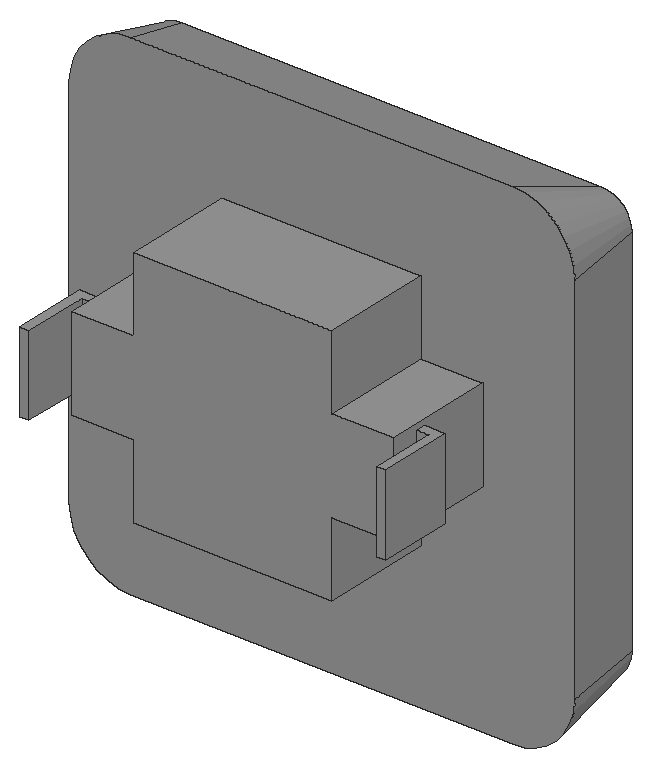
Revit family "IEK_Выключатель_Встраиваемый_С Инд 10А одноклавишный IP20_ВЕГА", category Выключатели, Revit 2019
Family settings
  Сохранять ориентацию аннотаций = Да
  Размер круглого соединителя = Использовать диаметр
  Тип детали = Переключатель
  На основе рабочей плоскости = Нет
  Всегда вертикально = Да
  При загрузке вырезать с полостями = Нет
  Общий = Нет
  Точка расчета площади = Нет
Parameters (values of type "ВС10-1-1-ВБ")
  Ширина = 81.5 mm  # constant formula
  Тип монтажа = "Скрытый монтаж (в штукатурку)"  # constant formula
  Степень защиты = "IP20"  # constant formula
  Изготовитель = "IEK"  # constant formula
  Дата изменения = ""
  Глубина = 36.3 mm  # constant formula
  Высота = 81 mm  # constant formula
  ΔХ [instance] = 2000 mm
  ΔY [instance] = 2000 mm
  KSI_CPr_Строительные изделия = "20.4.01"  # constant formula
  KSI_CMa_Строительные материалы = "01.7.14.03"  # constant formula
  IEK_Цена за единицу = 132.78
  IEK_Поиск в таблице имен = ""
  IEK_Описание = "Серия «ВЕГА» включает в себя розетки и выключатели для скрытого монтажа, которые хорошо впишутся в любой интерьер квартир, загородных домов, офисных и производственных помещений."
  IEK_URL = "https://www.iek.ru/products/catalog/izdeliya_elektroustanovochnye_udliniteli_i_silovye_razemy/elektroustanovochnye_izdeliya/elektroustanovochnye_izdeliya_skrytogo_montazha/elektroustanovochnye_izdeliya_vega/vyklyuchatel_1_klavishnyy_s_indikatsiey_vs10_1_1_vb_10a_vega_belyy_iek"
  ADSK_Ток [instance] = 10 A  # constant formula
  ADSK_Примечание = ""
  ADSK_Полная мощность [instance] = ADSK_Номинальная мощность / ADSK_Коэффициент мощности  # 2200 VA
  ADSK_Позиция [instance] = ""
  ADSK_Номинальная мощность [instance] = ADSK_Ток * ADSK_Напряжение * sqrt(ADSK_Количество фаз числовое) * ADSK_Коэффициент мощности  # 2200 W
  ADSK_Напряжение = 220 V
  ADSK_Наименование = "Выключатель 1-клавишный с индикацией ВС10-1-1-ВБ 10А ВЕГА белый IEK"
  ADSK_Материал обозначение = ""
  ADSK_Материал наименование = "Пластик"  # constant formula
  ADSK_Материал = Цвет белый
  ADSK_Масса = 0.066
  ADSK_Марка = "ВЕГА"  # constant formula
  ADSK_Коэффициент мощности [instance] = 1  # constant formula
  ADSK_Количество фаз числовое = 1
  ADSK_Количество фаз = 1
  ADSK_Код изделия = "EVV11-K01-10-DM"
  ADSK_Классификация нагрузок [instance] = Прочее
  ADSK_Завод-изготовитель = "IEK"  # constant formula
  ADSK_Единица измерения = "шт"  # constant formula
  ADSK_Группирование = "III ЭЛЕКТРОУСТАНОВОЧНЫЕ И ЭЛЕКТРОМОНТАЖНЫЕ ИЗДЕЛИЯ"  # constant formula
  ADSK_Версия семейства = "1.0"  # constant formula
  ADSK_Версия Revit = "2019"  # constant formula
  ADSK_URL страницы изделия = "https://www.iek.ru/products/catalog/izdeliya_elektroustanovochnye_udliniteli_i_silovye_razemy/elektroustanovochnye_izdeliya/elektroustanovochnye_izdeliya_skrytogo_montazha/elektroustanovochnye_izdeliya_vega/?pagec=10"
Reference planes
  plane 1 "По центру (Вперед/Назад)": y = 0
  plane 2: z = 0
  plane 3 "По центру (Влево/Вправо)": x = 0
  plane 4 "Высота ножек": z = 280
  plane 5 "Высота": z = 2081.496
  plane 6: x = -2000
  plane 7: y = 2000
Forms (mm)
  Extrusion 1, solid, material "Цвет белый" <- "ADSK_Материал", detail levels fine
    sketch origin (0, -492.152, 42.527) x (1, 0, 0) y (0, 1, 0)
      loop
        line (26, 480.152) -> (26, 478.652) -> (27.993, 478.652) -> (27.993, 468.152) -> (29.498, 468.152) -> (29.498, 480.152) -> (26, 480.152)
      loop
        line (-26, 480.152) -> (-29.498, 480.152) -> (-29.498, 468.152) -> (-27.993, 468.152) -> (-27.993, 478.652) -> (-26, 478.652) -> (-26, 480.152)
    from -5.817 to 7.183
  Extrusion 2, solid, detail levels coarse
    sketch origin (0, 0, 0) x (1, 0, 0) y (0, 1, 0)
      loop
        line (-40.75, -24) -> (40.75, -24) -> (40.75, 20) -> (-40.75, 20) -> (-40.75, -24)
    from 0 to 80.5
  Extrusion 3, solid, detail levels medium
    sketch origin (0, 0, 0) x (1, 0, 0) y (0, 1, 0)
      loop
        line (-40.75, 20) -> (-40.75, -24) -> (40.75, -24) -> (40.75, 20) -> (-40.75, 20)
    from 0 to 80.5
  Extrusion 4, void
    sketch origin (0, 0, 40.25) x (1, 0, 0) y (0, 0, -1)
      loop
        line (-29, -25) -> (29, -25) -> (29, 25) -> (-29, 25) -> (-29, -25)
    from 1 to 14.038
  Extrusion 5, solid, material "Цвет белый" <- "ADSK_Материал", detail levels fine
    sketch origin (0, 0, 39.887) x (0, 0, 1) y (0, -1, 0)
      loop
        line (-24.209, -5) -> (-24.209, -11.055)
        arc (-24.209, -11.055) -> (-22.524, -15.523) -> (-19.835, -19.47) r 20.163
        arc (-19.835, -19.47) -> (3.045, -18.975) -> (24.863, -12.066) r 80.547
        line (24.863, -12.066) -> (24.863, -5) -> (-24.209, -5)
    from -28.5 to 28.5
  Extrusion 6, solid, material "Цвет белый" <- "ADSK_Материал", detail levels fine
    sketch origin (0, 0, 40.25) x (1, 0, 0) y (0, 0, -1)
      loop
        line (16, -22.25) -> (16, -10.25) -> (26, -10.25) -> (26, 4.75) -> (16, 4.75) -> (16, 16.75) -> (-16, 16.75) -> (-16, 4.75) -> (-26, 4.75) -> (-26, -10.25) -> (-16, -10.25) -> (-16, -22.25) -> (16, -22.25)
    from -18 to 0
  Blend 7, solid, material "Цвет белый" <- "ADSK_Материал", detail levels fine
    base sketch origin (0, 0, 40.25) x (1, 0, 0) y (0, 0, -1)
      loop
        arc (40.75, 30.25) -> (37.821, 37.321) -> (30.75, 40.25) r 10
        line (30.75, 40.25) -> (-30.75, 40.25)
        arc (-30.75, 40.25) -> (-37.821, 37.321) -> (-40.75, 30.25) r 10
        line (-40.75, 30.25) -> (-40.75, -30.25)
        arc (-40.75, -30.25) -> (-37.821, -37.321) -> (-30.75, -40.25) r 10
        line (-30.75, -40.25) -> (30.75, -40.25)
        arc (30.75, -40.25) -> (37.821, -37.321) -> (40.75, -30.25) r 10
        line (40.75, -30.25) -> (40.75, 30.25)
    top sketch origin (0, 0, 40.25) x (1, 0, 0) y (0, 0, -1)
      loop
        arc (-38.75, -30.25) -> (-37.286, -33.786) -> (-33.75, -35.25) r 5
        line (-33.75, -35.25) -> (33.75, -35.25)
        arc (33.75, -35.25) -> (37.286, -33.786) -> (38.75, -30.25) r 5
        line (38.75, -30.25) -> (38.75, 30.25)
        arc (38.75, 30.25) -> (37.286, 33.786) -> (33.75, 35.25) r 5
        line (33.75, 35.25) -> (-33.75, 35.25)
        arc (-33.75, 35.25) -> (-37.286, 33.786) -> (-38.75, 30.25) r 5
        line (-38.75, 30.25) -> (-38.75, -30.25)
    from 0 to 14
  Extrusion 8, solid, material "Стекло", detail levels fine
    sketch origin (0.015, 0, 39.232) x (0, 0, 1) y (0, -1, 0)
      loop
        arc (-14.934, -18.373) -> (-15.49, -18.34) -> (-16.046, -18.303) r 80.547
        line (-16.046, -18.303) -> (-16.046, -20.15)
        arc (-16.046, -20.15) -> (-15.49, -20.187) -> (-14.934, -20.219) r 80.547
        line (-14.934, -20.219) -> (-14.934, -18.373)
    from -5 to 5
  Extrusion 9, solid, material "Стекло", detail levels fine
    sketch origin (0.015, 0, 41.258) x (0, 0, 1) y (0, -1, 0)
      loop
        arc (-14.934, -18.373) -> (-15.49, -18.34) -> (-16.046, -18.303) r 80.547
        line (-16.046, -18.303) -> (-16.046, -20.15)
        arc (-16.046, -20.15) -> (-15.49, -20.187) -> (-14.934, -20.219) r 80.547
        line (-14.934, -20.219) -> (-14.934, -18.373)
    from -5 to 5
Cuts and joins
  Extrusion 4 cuts Blend 7
Lines and regions (mm)
  reference lines
    curve 1: line (0, 44.647, 0) -> (0, -55.353, 0)
    curve 2: line (-23.829, 0, 0) -> (76.171, 0, 0)
Dimensions and locks
  locked: plane 4 "Высота ножек" to plane 2 at 280
  plane 5 "Высота" to plane 4 "Высота ножек" = 1801.496 mm
  "ΔХ": plane 6 to curve 1
  "ΔY": plane 7 to curve 2
  aligned and locked: level to plane 2
  aligned and locked: curve 2 to nested 1
  aligned and locked: nested 1 to curve 1
Automatic sketch dimensions
  plane 1 "По центру (Вперед/Назад)" to Extrusion 1 sketch curve = 12 mm  (x2)
  Extrusion 1 sketch curve to plane 3 "По центру (Влево/Вправо)" = 29.498 mm
  Extrusion 1 sketch curve to Extrusion 1 sketch curve = 1.504 mm  (x2)
  Extrusion 1 sketch curve to Extrusion 1 sketch curve = 1.993 mm  (x2)
  plane 3 "По центру (Влево/Вправо)" to Extrusion 1 sketch curve = 26 mm
  Extrusion 1 sketch curve to Extrusion 1 sketch curve = 1.5 mm  (x2)
  Extrusion 1 sketch curve to Extrusion 1 sketch curve = 10.5 mm  (x2)
  Extrusion 2 sketch curve to plane 1 "По центру (Вперед/Назад)" = 20 mm
  Extrusion 2 sketch curve to plane 3 "По центру (Влево/Вправо)" = 40.75 mm
  plane 3 "По центру (Влево/Вправо)" to Extrusion 2 sketch curve = 40.75 mm
  plane 1 "По центру (Вперед/Назад)" to Extrusion 2 sketch curve = 24 mm
  Extrusion 3 sketch curve to plane 3 "По центру (Влево/Вправо)" = 40.75 mm
  plane 3 "По центру (Влево/Вправо)" to Extrusion 3 sketch curve = 40.75 mm
  plane 1 "По центру (Вперед/Назад)" to Extrusion 3 sketch curve = 24 mm
  Extrusion 3 sketch curve to plane 1 "По центру (Вперед/Назад)" = 20 mm
  level to Extrusion 4 sketch curve = 15.25 mm
  Extrusion 4 sketch curve to plane 3 "По центру (Влево/Вправо)" = 29 mm
  Extrusion 4 sketch curve to Extrusion 4 sketch curve = 58 mm
  level to Extrusion 4 sketch curve = 65.25 mm
  level to Extrusion 5 sketch curve = 15.678 mm
  level to Extrusion 5 sketch curve = 29.77 mm
  level to Extrusion 5 sketch curve = 35.254 mm
  level to Extrusion 5 sketch curve = 64.75 mm
  Extrusion 5 sketch curve to plane 1 "По центру (Вперед/Назад)" = 12.066 mm
  Extrusion 5 sketch curve to Extrusion 5 sketch curve = 1.011 mm
  Extrusion 5 sketch curve to Extrusion 5 sketch curve = 4.83 mm
  Extrusion 5 sketch curve to Extrusion 5 sketch curve = 7.066 mm
  Extrusion 5 sketch curve to Extrusion 5 sketch curve = 66.713 mm
  level to Extrusion 6 sketch curve = 50.5 mm  (x2)
  Extrusion 6 sketch curve to plane 3 "По центру (Влево/Вправо)" = 26 mm
  Extrusion 6 sketch curve to Extrusion 6 sketch curve = 10 mm  (x3)
  Extrusion 6 sketch curve to Extrusion 6 sketch curve = 32 mm
  level to Extrusion 6 sketch curve = 35.5 mm  (x2)
  Extrusion 6 sketch curve to Extrusion 6 sketch curve = 0 mm
  Extrusion 6 sketch curve to Extrusion 6 sketch curve = 12 mm  (x2)
  level to Blend 7 sketch curve = 10 mm  (x3)
  Blend 7 sketch curve to plane 3 "По центру (Влево/Вправо)" = 40.75 mm
  Blend 7 sketch curve to Blend 7 sketch curve = 10 mm  (x3)
  level to Blend 7 sketch curve = 70.5 mm
  Blend 7 sketch curve to Blend 7 sketch curve = 61.5 mm
  Blend 7 sketch curve to Blend 7 sketch curve = 0 mm  (x2)
  Blend 7 sketch curve to plane 3 "По центру (Влево/Вправо)" = 38.75 mm
  Blend 7 sketch curve to Blend 7 sketch curve = 5 mm  (x2)
  level to Blend 7 sketch curve = 75.5 mm
  Blend 7 sketch curve to Blend 7 sketch curve = 67.5 mm
  level to Extrusion 8 sketch curve = 23.187 mm
  Extrusion 8 sketch curve to Extrusion 8 sketch curve = 1.112 mm
  level to Extrusion 8 sketch curve = 28.752 mm
  Extrusion 8 sketch curve to Extrusion 8 sketch curve = 0 mm
  Extrusion 8 sketch curve to plane 1 "По центру (Вперед/Назад)" = 20.219 mm
  Extrusion 8 sketch curve to Extrusion 8 sketch curve = 0.069 mm  (x2)
  Extrusion 8 sketch curve to Extrusion 8 sketch curve = 1.847 mm
  level to Extrusion 9 sketch curve = 25.212 mm
  Extrusion 9 sketch curve to Extrusion 9 sketch curve = 1.112 mm
  level to Extrusion 9 sketch curve = 30.777 mm
  Extrusion 9 sketch curve to Extrusion 9 sketch curve = 0 mm
  Extrusion 9 sketch curve to plane 1 "По центру (Вперед/Назад)" = 20.219 mm
  Extrusion 9 sketch curve to Extrusion 9 sketch curve = 0.069 mm  (x2)
  Extrusion 9 sketch curve to Extrusion 9 sketch curve = 1.847 mm
  curve 2 to plane 3 "По центру (Влево/Вправо)" = 23.829 mm
  plane 3 "По центру (Влево/Вправо)" to curve 2 = 76.171 mm
  plane 1 "По центру (Вперед/Назад)" to curve 1 = 55.353 mm
  curve 1 to plane 1 "По центру (Вперед/Назад)" = 44.647 mm
Nested families
  nested 1: "УГО Выключателя" at (0, 0, 0), type "1K-C", detail levels coarse+medium
    with IP44 no
Connectors
  electrical at (0, -24, 40.25), driven by "ADSK_Количество фаз", driven by "ADSK_Классификация нагрузок", driven by "ADSK_Напряжение", driven by "ADSK_Полная мощность", driven by "ADSK_Коэффициент мощности"
    settings: on Extrusion 2, index 1, voltage 220 V, apparent load 0 VA, apparent load phase1 2200 VA, apparent load phase2 0 VA, apparent load phase3 0 VA, power factor 1, load classification "Прочее", number of poles 1, system type 31, power factor state 1, is connector primary yes, connector utility no, sub classification motor no, connector description ""
Definition of nested family "УГО Выключателя"
  Parameters (values of type "3K-O")
    IP44 [instance] = no
    3K-C = no
    2K-C = no
    1K-C = no
    3K-O = yes
    2K-O = no
    1K-O = no
  Types (6, lengths in mm): name | 3K-C | 2K-C | 1K-C | 3K-O | 1K-O
    2K-O | no | no | no | yes | no
    3K-O | no | no | no | yes | no
    2K-C | no | yes | no | no | no
    1K-O | no | no | no | no | yes
    1K-C | no | no | yes | no | no
    3K-C | yes | no | no | no | no
  Reference planes
    plane 1: y = 0
    plane 2: x = 0
  Lines and regions (mm)
    Filled region 1, type "Цветовая область 1", visible <- "IP44"
      outline origin (0, 0, 0) x (1, 0, 0) y (0, 1, 0)
        loop
          circle (0.006, 0.994) r 0.994
    Filled region 2, type "Цветовая область 1", visible <- "IP44", not visible
      outline origin (0, 0, 0) x (1, 0, 0) y (0, 1, 0)
        loop
          circle (0, 2.214) r 0.994
    Filled region 3, type "Цветовая область 1", visible <- "IP44"
      outline origin (-1.562, 0, 0) x (1, 0, 0) y (0, 1, 0)
        loop
          circle (1.569, 0.994) r 0.994
    Filled region 4, type "Цветовая область 1", visible <- "1K-O"
      outline origin (0, 6.25, 0) x (1, 0, 0) y (0, 1, 0)
        loop
          circle (0.006, -5.256) r 0.994
    Filled region 5, type "Цветовая область 1", visible <- "IP44"
      outline origin (-1.562, 0, 0) x (1, 0, 0) y (0, 1, 0)
        loop
          circle (1.569, 0.994) r 0.994
    Filled region 6, type "Цветовая область 1", visible <- "IP44"
      outline origin (0, 0, 0) x (1, 0, 0) y (0, 1, 0)
        loop
          circle (0.006, 0.994) r 0.994
    Filled region 7, type "Цветовая область 1", visible <- "IP44", not visible
      outline origin (-1.562, 0, 0) x (1, 0, 0) y (0, 1, 0)
        loop
          circle (11.009, 9.276) r 0.994
    Filled region 8, type "Цветовая область 1", visible <- "1K-O", not visible
      outline origin (0, 6.25, 0) x (1, 0, 0) y (0, 1, 0)
        loop
          circle (15.194, 9.276) r 0.994
    Filled region 9, type "Цветовая область 1", visible <- "IP44", not visible
      outline origin (-1.562, 0, 0) x (1, 0, 0) y (0, 1, 0)
        loop
          circle (23.521, 9.279) r 0.994
    Filled region 10, type "Цветовая область 1", visible <- "IP44", not visible
      outline origin (0, 0, 0) x (1, 0, 0) y (0, 1, 0)
        loop
          circle (28.604, 9.279) r 0.994
    Filled region 11, type "Цветовая область 1", visible <- "IP44", not visible
      outline origin (0, 0, 0) x (1, 0, 0) y (0, 1, 0)
        loop
          circle (32.789, 9.279) r 0.994
    Filled region 12, type "Цветовая область 1", visible <- "IP44"
      outline origin (0, 0, 0) x (1, 0, 0) y (0, 1, 0)
        loop
          circle (0.006, 0.994) r 0.994
    detail lines, visible <- "3K-O"
      curve 1: line (0.867, 1.49, 0) -> (3.037, 2.744, 0)
      curve 2: line (0.645, 1.755, 0) -> (2.256, 3.675, 0)
      curve 3: line (0.33, 1.933, 0) -> (1.146, 4.303, 0)
      curve 7: circle (0.006, 0.994, 0) r 0.994 normal (0, 0, 1)
      curve 16: line (3.037, 2.744, 0) -> (3.437, 2.051, 0)
      curve 17: line (2.256, 3.675, 0) -> (2.869, 3.161, 0)
      curve 18: line (1.146, 4.303, 0) -> (1.902, 4.042, 0)
    detail lines, visible <- "2K-O"
      curve 4: line (0.756, 1.645, 0) -> (2.648, 3.29, 0)
      curve 5: line (0.488, 1.863, 0) -> (1.703, 4.055, 0)
      curve 8: circle (0.006, 0.994, 0) r 0.994 normal (0, 0, 1)
      curve 19: line (2.648, 3.29, 0) -> (3.173, 2.686, 0)
      curve 20: line (1.703, 4.055, 0) -> (2.403, 3.667, 0)
    detail lines, visible <- "1K-O"
      curve 6: line (0.576, 1.808, 0) -> (2.014, 3.861, 0)
      curve 9: circle (0.006, 0.994, 0) r 0.994 normal (0, 0, 1)
      curve 21: line (2.014, 3.861, 0) -> (2.669, 3.402, 0)
    detail lines, visible <- "3K-C"
      curve 10: line (0.867, 1.49, 0) -> (3.037, 2.744, 0)
      curve 11: line (0.645, 1.755, 0) -> (2.256, 3.675, 0)
      curve 12: line (0.33, 1.933, 0) -> (1.146, 4.303, 0)
      curve 14: circle (0.006, 0.994, 0) r 0.994 normal (0, 0, 1)
      curve 23: line (2.812, 3.133, 0) -> (3.262, 2.354, 0)
      curve 24: line (1.911, 3.964, 0) -> (2.601, 3.386, 0)
      curve 25: line (0.72, 4.449, 0) -> (1.571, 4.156, 0)
    detail lines, visible <- "1K-C"
      curve 13: line (0.576, 1.808, 0) -> (2.014, 3.861, 0)
      curve 15: circle (0.006, 0.994, 0) r 0.994 normal (0, 0, 1)
      curve 22: line (1.645, 4.119, 0) -> (2.383, 3.603, 0)
    detail lines, visible <- "3K-O", not visible
      curve 26: line (0.86, 2.711, 0) -> (3.031, 3.964, 0)
      curve 27: line (0.639, 2.975, 0) -> (2.25, 4.895, 0)
      curve 28: line (0.323, 3.154, 0) -> (1.139, 5.524, 0)
      curve 29: circle (0, 2.214, 0) r 0.994 normal (0, 0, 1)
      curve 30: line (3.031, 3.964, 0) -> (3.431, 3.272, 0)
      curve 31: line (2.25, 4.895, 0) -> (2.863, 4.381, 0)
      curve 32: line (1.139, 5.524, 0) -> (1.896, 5.263, 0)
    detail lines, visible <- "2K-O", not visible
      curve 33: line (10.196, 9.928, 0) -> (12.088, 11.572, 0)
      curve 34: line (9.928, 10.145, 0) -> (11.143, 12.337, 0)
      curve 35: circle (9.446, 9.276, 0) r 0.994 normal (0, 0, 1)
      curve 36: line (12.088, 11.572, 0) -> (12.613, 10.968, 0)
      curve 37: line (11.143, 12.337, 0) -> (11.843, 11.949, 0)
    detail lines, visible <- "1K-O", not visible
      curve 38: line (15.764, 16.34, 0) -> (17.201, 18.393, 0)
      curve 39: circle (15.194, 15.526, 0) r 0.994 normal (0, 0, 1)
      curve 40: line (17.201, 18.393, 0) -> (17.857, 17.934, 0)
    detail lines, visible <- "3K-C", not visible
      curve 41: line (22.819, 9.775, 0) -> (24.99, 11.029, 0)
      curve 42: line (22.597, 10.04, 0) -> (24.208, 11.96, 0)
      curve 43: line (22.282, 10.218, 0) -> (23.098, 12.588, 0)
      curve 44: circle (21.958, 9.279, 0) r 0.994 normal (0, 0, 1)
      curve 45: line (24.765, 11.418, 0) -> (25.215, 10.639, 0)
      curve 46: line (23.863, 12.249, 0) -> (24.553, 11.67, 0)
      curve 47: line (22.672, 12.734, 0) -> (23.523, 12.441, 0)
    detail lines, visible <- "2K-C", not visible
      curve 48: line (29.354, 9.93, 0) -> (31.246, 11.575, 0)
      curve 49: line (29.086, 10.148, 0) -> (30.301, 12.34, 0)
      curve 50: circle (28.604, 9.279, 0) r 0.994 normal (0, 0, 1)
      curve 51: line (30.951, 11.914, 0) -> (31.541, 11.235, 0)
      curve 52: line (29.908, 12.558, 0) -> (30.695, 12.122, 0)
    detail lines, visible <- "1K-C", not visible
      curve 53: line (33.359, 10.092, 0) -> (34.797, 12.146, 0)
      curve 54: circle (32.789, 9.279, 0) r 0.994 normal (0, 0, 1)
      curve 55: line (34.428, 12.404, 0) -> (35.165, 11.887, 0)
    detail lines, visible <- "2K-C"
      curve 56: line (0.756, 1.645, 0) -> (2.648, 3.29, 0)
      curve 57: line (0.488, 1.863, 0) -> (1.703, 4.055, 0)
      curve 58: circle (0.006, 0.994, 0) r 0.994 normal (0, 0, 1)
      curve 59: line (2.353, 3.629, 0) -> (2.943, 2.95, 0)
      curve 60: line (1.31, 4.273, 0) -> (2.097, 3.837, 0)
    detail lines
      curve 61: line (0.006, 0, 0) -> (0.006, 2.454, 0)
      curve 62: line (0.006, 0, 0) -> (2.217, 0, 0)
